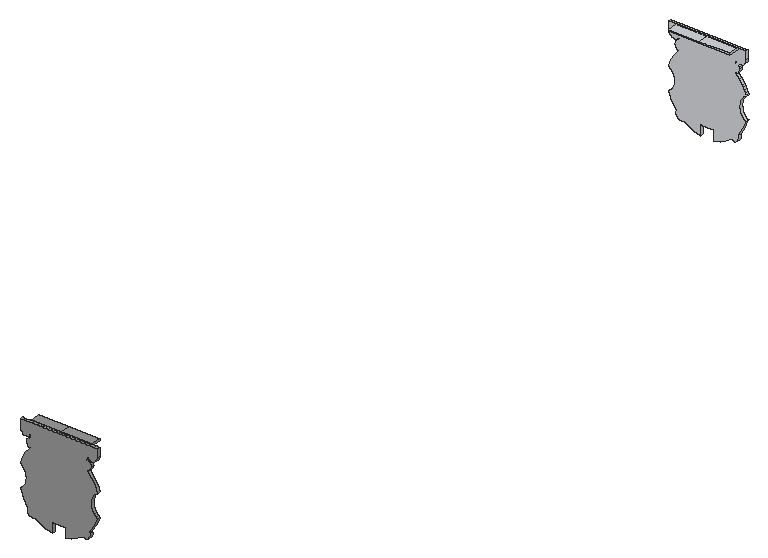
Revit family "L-trade_Standart", category Обобщенные модели, Revit 2017
Family settings
  Может служить основой для арматурных стержней = Нет
  Размер круглого соединителя = Использовать диаметр
  Тип детали = Нормальный
  На основе рабочей плоскости = Нет
  Всегда вертикально = Да
  При загрузке вырезать с полостями = Нет
  Общий = Нет
  Точка расчета площади = Нет
Parameters
  Начало выдавливания = 250 mm
  Конец выдавливания = 250 mm
Reference planes
  plane 1 "По центру (Вперед/Назад)": y = 0
  plane 2: z = 0
  plane 3 "По центру (Влево/Вправо)": x = 0
  plane 4 "Плоскость торцевой крышки 1": y = -250
  plane 5 "Плоскость торцевой крышки 2": y = 250
Forms (mm)
  Extrusion 1, solid, material "Алюминий"
    sketch origin (0.005, -250, 56.46) x (0, 0, 1) y (-1, 0, 0)
      loop
        arc (-51.859, -14.922) -> (-52.295, -16.832) -> (-51.445, -18.598) r 2.966
        arc (-51.445, -18.598) -> (-49.77, -19.436) -> (-47.926, -19.104) r 2.966
        arc (-47.926, -19.104) -> (-43.611, -22.034) -> (-38.782, -24.005) r 25
        arc (-38.782, -24.005) -> (-31.8, -20.15) -> (-24.818, -24.005) r 8.25
        arc (-24.818, -24.005) -> (-19.12, -21.546) -> (-14.203, -17.758) r 25
        arc (-14.203, -17.758) -> (-13.134, -19.374) -> (-11.3, -20) r 3
        arc (-11.3, -20) -> (-9.575, -19.455) -> (-8.478, -18.017) r 3
        arc (-8.478, -18.017) -> (-8.368, -17.633) -> (-8.309, -17.238) r 3
        arc (-8.309, -17.238) -> (-7.795, -17.566) -> (-7.268, -17.872) r 15
        arc (-7.268, -17.872) -> (-8.16, -21.6) -> (-5, -23.771) r 3.385
        line (-5, -23.771) -> (0, -23.771) -> (0, -21.96) -> (0, -18.959) -> (0, 18.959) -> (0, 21.96) -> (0, 23.771) -> (-5, 23.771)
        arc (-5, 23.771) -> (-8.16, 21.6) -> (-7.268, 17.872) r 3.385
        arc (-7.268, 17.872) -> (-7.795, 17.566) -> (-8.309, 17.238) r 15
        arc (-8.309, 17.238) -> (-8.368, 17.633) -> (-8.478, 18.017) r 3
        arc (-8.478, 18.017) -> (-9.575, 19.455) -> (-11.3, 20) r 3
        arc (-11.3, 20) -> (-13.134, 19.374) -> (-14.203, 17.758) r 3
        arc (-14.203, 17.758) -> (-19.12, 21.546) -> (-24.818, 24.005) r 25
        arc (-24.818, 24.005) -> (-31.8, 20.15) -> (-38.782, 24.005) r 8.25
        arc (-38.782, 24.005) -> (-43.611, 22.034) -> (-47.926, 19.104) r 25
        arc (-47.926, 19.104) -> (-49.77, 19.436) -> (-51.445, 18.598) r 2.966
        arc (-51.445, 18.598) -> (-52.295, 16.832) -> (-51.859, 14.922) r 2.966
        arc (-51.859, 14.922) -> (-54.803, 9.791) -> (-56.46, 4.112) r 25
        line (-56.46, 4.112) -> (-50.7, 4.112) -> (-50.7, 0) -> (-50.7, -4.112) -> (-56.46, -4.112)
        arc (-56.46, -4.112) -> (-54.803, -9.791) -> (-51.859, -14.922) r 25
    from 0 to 1.5
  Extrusion 2, solid, material "Алюминий"
    sketch origin (0.005, -250, 56.46) x (0, 0, -1) y (-1, 0, 0)
      loop
        line (1, 0) -> (1, 18.8) -> (0, 18.8) -> (0, 0) -> (0, -18.8) -> (1, -18.8) -> (1, 0)
    from 0 to 6.5
  Extrusion 3, solid
    sketch origin (0.005, 250, 56.46) x (0, 0, 1) y (-1, 0, 0)
      loop
        arc (-51.859, -14.916) -> (-52.295, -16.827) -> (-51.445, -18.593) r 2.966
        arc (-51.445, -18.593) -> (-49.77, -19.431) -> (-47.926, -19.099) r 2.966
        arc (-47.926, -19.099) -> (-43.611, -22.029) -> (-38.782, -24) r 25
        arc (-38.782, -24) -> (-31.8, -20.145) -> (-24.818, -24) r 8.25
        arc (-24.818, -24) -> (-19.12, -21.541) -> (-14.203, -17.753) r 25
        arc (-14.203, -17.753) -> (-13.134, -19.369) -> (-11.3, -19.995) r 3
        arc (-11.3, -19.995) -> (-9.575, -19.45) -> (-8.478, -18.012) r 3
        arc (-8.478, -18.012) -> (-8.368, -17.628) -> (-8.309, -17.233) r 3
        arc (-8.309, -17.233) -> (-7.795, -17.561) -> (-7.268, -17.867) r 15
        arc (-7.268, -17.867) -> (-8.16, -21.595) -> (-5, -23.766) r 3.385
        line (-5, -23.766) -> (0, -23.766) -> (0, -21.955) -> (0, -18.954) -> (0, 18.964) -> (0, 21.965) -> (0, 23.776) -> (-5, 23.776)
        arc (-5, 23.776) -> (-8.16, 21.605) -> (-7.268, 17.877) r 3.385
        arc (-7.268, 17.877) -> (-7.795, 17.571) -> (-8.309, 17.243) r 15
        arc (-8.309, 17.243) -> (-8.368, 17.638) -> (-8.478, 18.022) r 3
        arc (-8.478, 18.022) -> (-9.575, 19.46) -> (-11.3, 20.005) r 3
        arc (-11.3, 20.005) -> (-13.134, 19.379) -> (-14.203, 17.763) r 3
        arc (-14.203, 17.763) -> (-19.12, 21.551) -> (-24.818, 24.01) r 25
        arc (-24.818, 24.01) -> (-31.8, 20.155) -> (-38.782, 24.01) r 8.25
        arc (-38.782, 24.01) -> (-43.611, 22.039) -> (-47.926, 19.109) r 25
        arc (-47.926, 19.109) -> (-49.77, 19.441) -> (-51.445, 18.603) r 2.966
        arc (-51.445, 18.603) -> (-52.295, 16.837) -> (-51.859, 14.927) r 2.966
        arc (-51.859, 14.927) -> (-54.803, 9.796) -> (-56.46, 4.117) r 25
        line (-56.46, 4.117) -> (-50.7, 4.117) -> (-50.7, 0.005) -> (-50.7, -4.107) -> (-56.46, -4.107)
        arc (-56.46, -4.107) -> (-54.803, -9.786) -> (-51.859, -14.916) r 25
    from 0 to -1.5
  Extrusion 4, solid
    sketch origin (0.005, 250, 56.46) x (0, 0, 1) y (-1, 0, 0)
      loop
        line (-1, 0) -> (-1, -18.8) -> (0, -18.8) -> (0, 0) -> (0, 18.8) -> (-1, 18.8) -> (-1, 0)
    from 0 to 6.5
Dimensions and locks
  "Начало выдавливания": plane 4 "Плоскость торцевой крышки 1" to plane 1 "По центру (Вперед/Назад)"
  "Конец выдавливания": plane 1 "По центру (Вперед/Назад)" to plane 5 "Плоскость торцевой крышки 2"
  aligned and locked: level to plane 2
Automatic sketch dimensions
  Extrusion 1 sketch curve to Extrusion 1 sketch curve = 0 mm  (x47)
  Extrusion 1 sketch curve to level = 0 mm  (x2)
  plane 3 "По центру (Влево/Вправо)" to Extrusion 1 sketch curve = 0.005 mm  (x2)
  level to Extrusion 1 sketch curve = 5.76 mm
  level to Extrusion 1 sketch curve = 7.112 mm  (x2)
  Extrusion 1 sketch curve to Extrusion 1 sketch curve = 18.9 mm
  Extrusion 1 sketch curve to Extrusion 1 sketch curve = 17.547 mm  (x2)
  Extrusion 1 sketch curve to Extrusion 1 sketch curve = 20.5 mm  (x2)
  Extrusion 1 sketch curve to Extrusion 1 sketch curve = 6.3 mm  (x2)
  plane 3 "По центру (Влево/Вправо)" to Extrusion 1 sketch curve = 4.755 mm
  Extrusion 1 sketch curve to Extrusion 1 sketch curve = 5 mm  (x2)
  Extrusion 1 sketch curve to plane 3 "По центру (Влево/Вправо)" = 4.745 mm
  plane 3 "По центру (Влево/Вправо)" to Extrusion 1 sketch curve = 16.505 mm
  Extrusion 1 sketch curve to Extrusion 1 sketch curve = 12.25 mm  (x2)
  Extrusion 1 sketch curve to Extrusion 1 sketch curve = 1.959 mm  (x2)
  Extrusion 1 sketch curve to Extrusion 1 sketch curve = 1.426 mm  (x2)
  Extrusion 1 sketch curve to Extrusion 1 sketch curve = 3.001 mm  (x2)
  Extrusion 1 sketch curve to Extrusion 1 sketch curve = 1.81 mm  (x2)
  Extrusion 1 sketch curve to Extrusion 1 sketch curve = 11.9 mm  (x2)
  Extrusion 1 sketch curve to Extrusion 1 sketch curve = 4.112 mm
  Extrusion 1 sketch curve to plane 3 "По центру (Влево/Вправо)" = 4.107 mm
  Extrusion 1 sketch curve to Extrusion 1 sketch curve = 12.388 mm
  Extrusion 1 sketch curve to Extrusion 1 sketch curve = 2.511 mm  (x2)
  Extrusion 1 sketch curve to Extrusion 1 sketch curve = 2.098 mm  (x2)
  Extrusion 1 sketch curve to Extrusion 1 sketch curve = 1.421 mm  (x2)
  Extrusion 1 sketch curve to Extrusion 1 sketch curve = 6.982 mm  (x4)
  Extrusion 1 sketch curve to Extrusion 1 sketch curve = 2.903 mm  (x2)
  Extrusion 1 sketch curve to Extrusion 1 sketch curve = 2.822 mm  (x2)
  Extrusion 1 sketch curve to Extrusion 1 sketch curve = 0.168 mm  (x2)
  Extrusion 2 sketch curve to Extrusion 1 = 0 mm
  Extrusion 2 sketch curve to Extrusion 2 sketch curve = 1 mm
  Extrusion 2 sketch curve to Extrusion 1 = 4.971 mm  (x2)
  Extrusion 1 to Extrusion 2 sketch curve = 4.112 mm
  Extrusion 2 sketch curve to Extrusion 2 sketch curve = 0 mm
  Extrusion 3 sketch curve to Extrusion 3 sketch curve = 0 mm  (x47)
  Extrusion 3 sketch curve to level = 0 mm  (x2)
  Extrusion 3 sketch curve to plane 3 "По центру (Влево/Вправо)" = 0 mm  (x2)
  level to Extrusion 3 sketch curve = 5.76 mm
  level to Extrusion 3 sketch curve = 7.112 mm  (x2)
  Extrusion 3 sketch curve to Extrusion 3 sketch curve = 18.9 mm
  Extrusion 3 sketch curve to Extrusion 3 sketch curve = 17.547 mm  (x2)
  Extrusion 3 sketch curve to Extrusion 3 sketch curve = 20.5 mm  (x2)
  Extrusion 3 sketch curve to Extrusion 3 sketch curve = 6.3 mm  (x2)
  plane 3 "По центру (Влево/Вправо)" to Extrusion 3 sketch curve = 4.75 mm
  Extrusion 3 sketch curve to Extrusion 3 sketch curve = 5 mm  (x2)
  Extrusion 3 sketch curve to plane 3 "По центру (Влево/Вправо)" = 4.75 mm
  plane 3 "По центру (Влево/Вправо)" to Extrusion 3 sketch curve = 16.5 mm
  Extrusion 3 sketch curve to Extrusion 3 sketch curve = 12.25 mm  (x2)
  Extrusion 3 sketch curve to Extrusion 3 sketch curve = 1.959 mm  (x2)
  Extrusion 3 sketch curve to Extrusion 3 sketch curve = 1.426 mm  (x2)
  Extrusion 3 sketch curve to Extrusion 3 sketch curve = 3.001 mm  (x2)
  Extrusion 3 sketch curve to Extrusion 3 sketch curve = 1.81 mm  (x2)
  Extrusion 3 sketch curve to Extrusion 3 sketch curve = 11.9 mm  (x2)
  plane 3 "По центру (Влево/Вправо)" to Extrusion 3 sketch curve = 4.112 mm
  Extrusion 3 sketch curve to Extrusion 3 sketch curve = 4.112 mm
  Extrusion 3 sketch curve to Extrusion 3 sketch curve = 12.388 mm
  Extrusion 3 sketch curve to Extrusion 3 sketch curve = 2.511 mm  (x2)
  Extrusion 3 sketch curve to Extrusion 3 sketch curve = 2.098 mm  (x2)
  Extrusion 3 sketch curve to Extrusion 3 sketch curve = 1.421 mm  (x2)
  Extrusion 3 sketch curve to Extrusion 3 sketch curve = 6.982 mm  (x4)
  Extrusion 3 sketch curve to Extrusion 3 sketch curve = 2.903 mm  (x2)
  Extrusion 3 sketch curve to Extrusion 3 sketch curve = 2.822 mm  (x2)
  Extrusion 3 sketch curve to Extrusion 3 sketch curve = 0.168 mm  (x2)
  Extrusion 4 sketch curve to Extrusion 3 = 0 mm
  Extrusion 4 sketch curve to Extrusion 3 = 1 mm
  Extrusion 4 sketch curve to Extrusion 3 = 4.966 mm
  Extrusion 3 to Extrusion 4 sketch curve = 4.107 mm
  Extrusion 4 sketch curve to Extrusion 4 sketch curve = 0 mm
  Extrusion 4 sketch curve to Extrusion 3 = 4.976 mm
